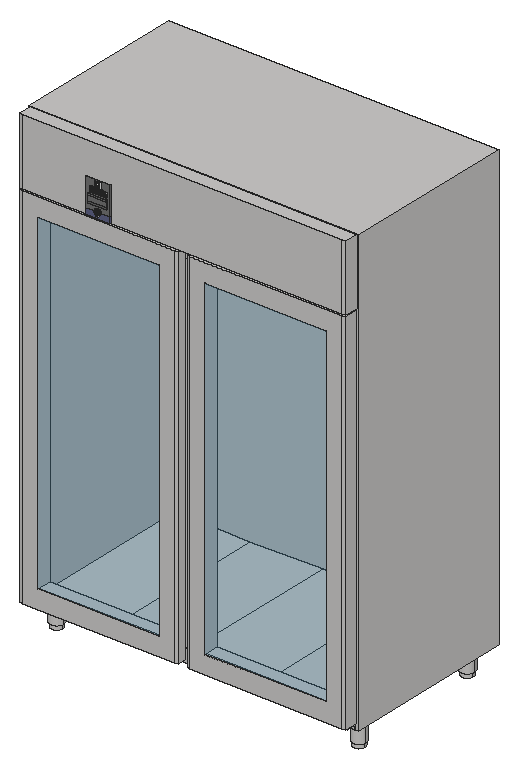
Revit family "QF_ELECTROLUXPROFESSIONAL_725232_REX142GRM", category Specialty Equipment, Revit 2018
Family settings
  Round Connector Dimension = Use Diameter
  Part Type = Normal
  Work Plane-Based = No
  Always vertical = Yes
  Cut with Voids When Loaded = No
  Shared = No
  Room Calculation Point = No
Parameters (values of type "Standard")
  Weight = 210.00 kg
  Watts = 0 W
  Volts = 220 V
  URL Manufacturer = "http://professional.electrolux.com"
  URL = "http://professional.electrolux.com"
  Steam Supply Size = 0 mm
  Steam Supply Minimum Pressure = 0.0 Pa
  Steam Supply Maximum Pressure = 0.0 Pa
  Steam Pounds per Hour = 0
  Refrigeration Suction Line Size = 0 mm
  Refrigeration Liquid Line Size = 0 mm
  Refrigerant Compressor Remote = yes
  Manufacturer = "Electrolux Professional"
  Phase = 1
  Model = "REX142GRM"
  Length Actual = 1441 mm  # constant formula
  Item Number = "725232"
  Hot Water Size = 0 mm
  Height Actual = 2050 mm  # constant formula
  HP = "0.4 HP"
  Gas Size = 0 mm
  Gas KW = 0
  Gas Input Pressure = 0 W
  Direct Waste Size = 0 mm
  Description = "2-GLASS DOOR REF. 1430L +2/+10°C DIG. A304 - R290 - MARINE 50HZ"
  Depth Actual = 835 mm  # constant formula
  Cycle = 50 Hz
  Condensate Return Size = 0 mm
  Compressed Air Volume = 0.0 L/s
  Compressed Air Size = 0 mm
  Compressed Air Pressure = 0.0 Pa
  Cold Water Size = 0 mm
  Accessory = yes
Reference planes
  plane 1 "Center (Front/Back)": y = 0
  plane 2: z = 0
  plane 3 "Center (Left/Right)": x = 0
  plane 4 "BASE": z = 110
  plane 5 "TOP": z = 2050
  plane 6 "FRONT": y = -417.5
  plane 7 "BACK": y = 417.5
  plane 8 "LEFT": x = -720.5
  plane 9 "RIGHT": x = 720.5
Forms (mm)
  Extrusion 1, solid, material "QF_Finishes_Stainless Steel"
    sketch origin (0, 0, 0) x (1, 0, 0) y (0, 1, 0)
      loop
        circle (-643.5, 344.5) r 25
      loop
        circle (643.5, 344.5) r 25
      loop
        circle (-660.5, -269.5) r 25
      loop
        circle (660.5, -269.5) r 25
      loop
        circle (0, -121) r 25
    from 0 to 20
  Extrusion 2, solid, material "QF_Finishes_Stainless Steel"
    sketch origin (0, 0, 0) x (1, 0, 0) y (0, 1, 0)
      loop
        circle (-643.5, 344.5) r 30
      loop
        circle (643.5, 344.5) r 30
      loop
        circle (660.5, -269.5) r 30
      loop
        circle (-660.5, -269.5) r 30
      loop
        circle (0, -121) r 30
    from 20 to 110
  Extrusion 3, solid, material "QF_Finishes_Stainless Steel"
    sketch origin (0, 0, 110) x (-1, 0, 0) y (0, -1, 0)
      loop
        line (720.5, -417.5) -> (720.5, 345.5) -> (-720.5, 345.5) -> (-720.5, -417.5) -> (720.5, -417.5)
    from 0 to 1940
  Extrusion 4, solid
    sketch origin (0, 417.5, 1685) x (-1, 0, 0) y (0, 0, 1)
      loop
        circle (704.5, 124) r 10
    from 0 to 3.2
  Extrusion 5, solid, material "QF_Door-Drawer Clearances", detail levels coarse
    sketch origin (0, 0, 110) x (-1, 0, 0) y (0, -1, 0)
      loop
        line (-712.5, 409.5) -> (-648.5, 409.5) -> (-648.5, 1006.5) -> (-666.5, 1006.5) -> (-666.5, 1024.5) -> (-688.5, 1024.5) -> (-688.5, 1062.5) -> (-712.5, 1062.5) -> (-712.5, 409.5)
    from 1642.965 to 28
  Extrusion 6, solid, material "QF_Door-Drawer Clearances", detail levels coarse
    sketch origin (0, 0, 110) x (-1, 0, 0) y (0, -1, 0)
      loop
        line (-648.5, 409.5) -> (0, 409.5)
        arc (0, 409.5) -> (-211.9, 875.546) -> (-688.5, 1062.5) r 681.392
        line (-688.5, 1062.5) -> (-688.5, 1024.5) -> (-666.5, 1024.5) -> (-666.5, 1006.5) -> (-648.5, 1006.5) -> (-648.5, 409.5)
    from 1642.965 to 28
  Extrusion 7, solid, material "QF_Clearances", detail levels coarse
    sketch origin (0, 0, 110) x (-1, 0, 0) y (0, -1, 0)
      loop
        line (720.5, 417.5) -> (720.5, -417.5) -> (-720.5, -417.5) -> (-720.5, 417.5) -> (-740.5, 417.5) -> (-740.5, -447.5) -> (740.5, -447.5) -> (740.5, 417.5) -> (720.5, 417.5)
    from -110 to 1940
  Extrusion 8, solid, material "QF_Clearances", detail levels coarse
    sketch origin (0, 0, 2050) x (-1, 0, 0) y (0, -1, 0)
      loop
        line (740.5, -447.5) -> (740.5, 417.5) -> (-740.5, 417.5) -> (-740.5, -447.5) -> (740.5, -447.5)
    from 0 to 500
  Extrusion 9, void
    sketch origin (0, 417.5, 0) x (-1, 0, 0) y (0, 0, 1)
      loop
        line (645.5, 1724) -> (430, 1724) -> (430, 1695) -> (-430, 1695) -> (-430, 1724) -> (-645.5, 1724) -> (-645.5, 180) -> (-322.75, 170.906) -> (0, 180) -> (322.75, 170.906) -> (645.5, 180) -> (645.5, 1724)
    from -56 to -763
  Extrusion 10, solid, material "QF_Door-Drawer Clearances", detail levels coarse
    sketch origin (0, 0, 110) x (1, 0, 0) y (0, 1, 0)
      loop
        line (-712.5, -409.5) -> (-712.5, -1062.5) -> (-688.5, -1062.5) -> (-688.5, -1024.5) -> (-666.5, -1024.5) -> (-666.5, -1006.5) -> (-648.5, -1006.5) -> (-648.5, -409.5) -> (-712.5, -409.5)
    from 1642.965 to 28
  Extrusion 11, solid, material "QF_Door-Drawer Clearances", detail levels coarse
    sketch origin (0, 0, 110) x (1, 0, 0) y (0, 1, 0)
      loop
        line (-648.5, -409.5) -> (-648.5, -1006.5) -> (-666.5, -1006.5) -> (-666.5, -1024.5) -> (-688.5, -1024.5) -> (-688.5, -1062.5)
        arc (-688.5, -1062.5) -> (-211.9, -875.546) -> (0, -409.5) r 681.392
        line (0, -409.5) -> (-648.5, -409.5)
    from 1642.965 to 28
  Extrusion 12, solid, material "QF_Finishes_Stainless Steel"
    sketch origin (0, 417.5, 0) x (-1, 0, 0) y (0, 0, 1)
      loop
        line (40, 170.62) -> (40, 1695) -> (-40, 1695) -> (-40, 170.62) -> (0, 170) -> (40, 170.62)
    from -723 to -763
  Extrusion 13, solid, material "QF_Finishes_Stainless Steel"
    sketch origin (0, 0, 110) x (-1, 0, 0) y (0, -1, 0)
      loop
        circle (322.75, 254.5) r 7.938
      loop
        circle (-322.75, 254.5) r 7.938
    from 0 to -10
Cuts and joins
  joined: Extrusion 7, Extrusion 8
  Extrusion 9 cuts Extrusion 3
Lines and regions (mm)
  symbolic lines, style "SpecialityEquipmentHiddenLines"
    curve 1: line (712.5, -409.5, 110) -> (712.5, -1062.5, 110)
    curve 2: line (712.5, -1062.5, 110) -> (688.5, -1062.5, 110)
    curve 3: line (648.5, -409.5, 110) -> (648.5, -1006.5, 110)
    curve 4: line (688.5, -1062.5, 110) -> (688.5, -1024.5, 110)
    curve 5: line (688.5, -1024.5, 110) -> (666.5, -1024.5, 110)
    curve 6: line (666.5, -1024.5, 110) -> (666.5, -1006.5, 110)
    curve 7: line (666.5, -1006.5, 110) -> (648.5, -1006.5, 110)
    curve 13: arc (0, -409.5, 110) -> (211.9, -875.546, 110) -> (688.5, -1062.5, 110) r 681.392
    curve 14: line (-712.5, -1062.5, 110) -> (-688.5, -1062.5, 110)
    curve 15: line (-648.5, -409.5, 110) -> (-648.5, -1006.5, 110)
    curve 16: line (-688.5, -1062.5, 110) -> (-688.5, -1024.5, 110)
    curve 17: line (-688.5, -1024.5, 110) -> (-666.5, -1024.5, 110)
    curve 18: line (-666.5, -1024.5, 110) -> (-666.5, -1006.5, 110)
    curve 19: line (-666.5, -1006.5, 110) -> (-648.5, -1006.5, 110)
    curve 20: arc (0, -409.5, 110) -> (-211.9, -875.546, 110) -> (-688.5, -1062.5, 110) r 681.392
    curve 21: line (-712.5, -409.5, 110) -> (-712.5, -1062.5, 110)
  symbolic lines, style "QF_Clearances", detail levels coarse
    curve 8: line (-720.5, -417.5, 2050) -> (-740.5, -417.5, 2050)
    curve 9: line (-740.5, -417.5, 2050) -> (-740.5, 447.5, 2050)
    curve 10: line (-740.5, 447.5, 2050) -> (740.5, 447.5, 2050)
    curve 11: line (740.5, 447.5, 2050) -> (740.5, -417.5, 2050)
    curve 12: line (740.5, -417.5, 2050) -> (720.5, -417.5, 2050)
  symbolic lines
    curve 22: line (720.5, 417.5, 110) -> (-720.5, 417.5, 110)
    curve 23: line (720.5, -345.5, 110) -> (720.5, 417.5, 110)
    curve 24: line (-720.5, -345.5, 110) -> (720.5, -345.5, 110)
    curve 25: line (-720.5, 417.5, 110) -> (-720.5, -345.5, 110)
Dimensions and locks
  equal spacing: plane 7 "BACK", plane 1 "Center (Front/Back)", plane 6 "FRONT"
  equal spacing: plane 8 "LEFT", plane 3 "Center (Left/Right)", plane 9 "RIGHT"
  plane 8 "LEFT" to plane 9 "RIGHT" = 1441 mm
  plane 7 "BACK" to plane 6 "FRONT" = 835 mm
  plane 5 "TOP" to plane 2 = 2050 mm
  aligned and locked: level to plane 2
Automatic sketch dimensions
  curve 12 to plane 6 "FRONT" = 0 mm
  curve 12 to plane 9 "RIGHT" = 0 mm
  curve 8 to plane 6 "FRONT" = 0 mm
  curve 8 to plane 8 "LEFT" = 0 mm
  curve 10 to plane 9 "RIGHT" = 20 mm
  curve 8 to curve 9 = 20 mm
  plane 7 "BACK" to curve 10 = 30 mm
  Extrusion 1 sketch curve to plane 3 "Center (Left/Right)" = 0 mm
  plane 8 "LEFT" to Extrusion 1 sketch curve = 77 mm
  plane 8 "LEFT" to Extrusion 1 sketch curve = 60 mm
  plane 9 "RIGHT" to Extrusion 1 sketch curve = 77 mm
  plane 9 "RIGHT" to Extrusion 1 sketch curve = 60 mm
  plane 6 "FRONT" to Extrusion 1 sketch curve = 148 mm  (x2)
  plane 1 "Center (Front/Back)" to Extrusion 1 sketch curve = 121 mm
  Extrusion 1 sketch curve to plane 7 "BACK" = 73 mm  (x2)
  Extrusion 2 sketch curve to plane 3 "Center (Left/Right)" = 0 mm
  plane 8 "LEFT" to Extrusion 2 sketch curve = 77 mm
  plane 8 "LEFT" to Extrusion 2 sketch curve = 60 mm
  plane 9 "RIGHT" to Extrusion 2 sketch curve = 77 mm
  plane 9 "RIGHT" to Extrusion 2 sketch curve = 60 mm
  plane 6 "FRONT" to Extrusion 2 sketch curve = 148 mm  (x2)
  plane 1 "Center (Front/Back)" to Extrusion 2 sketch curve = 121 mm
  Extrusion 2 sketch curve to plane 7 "BACK" = 73 mm  (x2)
  Extrusion 3 sketch curve to plane 7 "BACK" = 0 mm
  Extrusion 3 sketch curve to plane 9 "RIGHT" = 0 mm
  Extrusion 3 sketch curve to plane 8 "LEFT" = 0 mm
  plane 6 "FRONT" to Extrusion 3 sketch curve = 72 mm
  plane 8 "LEFT" to Extrusion 4 sketch curve = 16 mm
  Extrusion 4 sketch curve to plane 5 "TOP" = 241 mm
  plane 9 "RIGHT" to Extrusion 5 sketch curve = 8 mm
  plane 9 "RIGHT" to Extrusion 5 sketch curve = 32 mm
  Extrusion 5 sketch curve to Extrusion 5 sketch curve = 22 mm
  plane 6 "FRONT" to Extrusion 5 sketch curve = 8 mm
  Extrusion 5 sketch curve to Extrusion 5 sketch curve = 64 mm
  Extrusion 5 sketch curve to plane 6 "FRONT" = 589 mm
  Extrusion 5 sketch curve to Extrusion 5 sketch curve = 18 mm
  Extrusion 5 sketch curve to Extrusion 5 sketch curve = 38 mm
  Extrusion 6 sketch curve to plane 3 "Center (Left/Right)" = 0 mm
  plane 9 "RIGHT" to Extrusion 6 sketch curve = 72 mm
  Extrusion 6 sketch curve to Extrusion 6 sketch curve = 18 mm  (x2)
  plane 9 "RIGHT" to Extrusion 6 sketch curve = 39.698 mm
  Extrusion 6 sketch curve to Extrusion 6 sketch curve = 22 mm
  plane 6 "FRONT" to Extrusion 6 sketch curve = 36.349 mm
  plane 6 "FRONT" to Extrusion 6 sketch curve = 8 mm
  Extrusion 6 sketch curve to Extrusion 6 sketch curve = 56 mm
  Extrusion 7 sketch curve to plane 6 "FRONT" = 0 mm  (x2)
  Extrusion 7 sketch curve to plane 7 "BACK" = 0 mm
  Extrusion 7 sketch curve to plane 9 "RIGHT" = 0 mm
  Extrusion 7 sketch curve to plane 8 "LEFT" = 0 mm
  Extrusion 7 sketch curve to plane 9 "RIGHT" = 20 mm
  Extrusion 7 sketch curve to Extrusion 7 sketch curve = 20 mm
  plane 7 "BACK" to Extrusion 7 sketch curve = 30 mm
  Extrusion 8 sketch curve to plane 6 "FRONT" = 0 mm
  Extrusion 8 sketch curve to plane 9 "RIGHT" = 20 mm
  Extrusion 8 sketch curve to plane 8 "LEFT" = 20 mm
  plane 7 "BACK" to Extrusion 8 sketch curve = 30 mm
  Extrusion 10 sketch curve to plane 8 "LEFT" = 8 mm
  Extrusion 10 sketch curve to plane 8 "LEFT" = 32 mm
  Extrusion 10 sketch curve to Extrusion 10 sketch curve = 22 mm
  Extrusion 10 sketch curve to plane 6 "FRONT" = 8 mm
  Extrusion 10 sketch curve to Extrusion 10 sketch curve = 64 mm
  plane 6 "FRONT" to Extrusion 10 sketch curve = 589 mm
  Extrusion 10 sketch curve to Extrusion 10 sketch curve = 18 mm
  Extrusion 10 sketch curve to Extrusion 10 sketch curve = 38 mm
  Extrusion 11 sketch curve to plane 3 "Center (Left/Right)" = 0 mm
  Extrusion 11 sketch curve to plane 8 "LEFT" = 72 mm
  Extrusion 11 sketch curve to Extrusion 11 sketch curve = 18 mm  (x2)
  Extrusion 11 sketch curve to plane 8 "LEFT" = 39.698 mm
  Extrusion 11 sketch curve to Extrusion 11 sketch curve = 22 mm
  Extrusion 11 sketch curve to plane 6 "FRONT" = 36.349 mm
  Extrusion 11 sketch curve to plane 6 "FRONT" = 8 mm
  Extrusion 11 sketch curve to Extrusion 11 sketch curve = 56 mm
  Extrusion 12 sketch curve to plane 3 "Center (Left/Right)" = 0 mm
  plane 3 "Center (Left/Right)" to Extrusion 12 sketch curve = 40 mm
  Extrusion 12 sketch curve to plane 3 "Center (Left/Right)" = 40 mm
  plane 4 "BASE" to Extrusion 12 sketch curve = 60 mm
  Extrusion 12 sketch curve to Extrusion 12 sketch curve = 0.62 mm  (x2)
  Extrusion 12 sketch curve to Extrusion 12 sketch curve = 1524.38 mm
  Extrusion 9 sketch curve to plane 3 "Center (Left/Right)" = 0 mm
  plane 4 "BASE" to Extrusion 9 sketch curve = 60.906 mm  (x2)
  plane 3 "Center (Left/Right)" to Extrusion 9 sketch curve = 322.75 mm
  plane 9 "RIGHT" to Extrusion 9 sketch curve = 290.5 mm
  plane 9 "RIGHT" to Extrusion 9 sketch curve = 75 mm
  Extrusion 9 sketch curve to plane 3 "Center (Left/Right)" = 322.75 mm
  plane 8 "LEFT" to Extrusion 9 sketch curve = 290.5 mm
  plane 8 "LEFT" to Extrusion 9 sketch curve = 75 mm
  plane 4 "BASE" to Extrusion 9 sketch curve = 70 mm  (x3)
  Extrusion 9 sketch curve to plane 5 "TOP" = 355 mm
  Extrusion 9 sketch curve to Extrusion 9 sketch curve = 29 mm  (x2)
  plane 3 "Center (Left/Right)" to Extrusion 13 sketch curve = 322.75 mm
  Extrusion 13 sketch curve to plane 3 "Center (Left/Right)" = 322.75 mm
  plane 6 "FRONT" to Extrusion 13 sketch curve = 163 mm  (x2)
  curve 24 to plane 9 "RIGHT" = 0 mm
  curve 13 to plane 3 "Center (Left/Right)" = 0 mm
  curve 24 to plane 8 "LEFT" = 0 mm
  curve 25 to plane 7 "BACK" = 0 mm
  plane 9 "RIGHT" to curve 1 = 8 mm
  plane 9 "RIGHT" to curve 4 = 32 mm
  plane 9 "RIGHT" to curve 13 = 39.698 mm
  curve 4 to curve 6 = 22 mm
  curve 6 to curve 7 = 18 mm
  plane 8 "LEFT" to curve 15 = 72 mm
  curve 15 to curve 18 = 18 mm
  plane 8 "LEFT" to curve 20 = 39.698 mm
  plane 8 "LEFT" to curve 14 = 32 mm
  plane 8 "LEFT" to curve 21 = 8 mm
  plane 6 "FRONT" to curve 24 = 72 mm
  plane 6 "FRONT" to curve 20 = 36.349 mm
  plane 6 "FRONT" to curve 13 = 36.349 mm
  curve 6 to plane 6 "FRONT" = 589 mm
  curve 19 to plane 6 "FRONT" = 589 mm
  curve 18 to curve 17 = 18 mm
  curve 6 to curve 4 = 18 mm
  curve 16 to curve 21 = 38 mm
  plane 6 "FRONT" to curve 1 = 8 mm
  plane 6 "FRONT" to curve 15 = 8 mm
  plane 6 "FRONT" to curve 21 = 8 mm
  plane 6 "FRONT" to curve 3 = 8 mm
  radius of Extrusion 1 sketch curve = 25 mm  (x5)
  radius of Extrusion 2 sketch curve = 30 mm  (x5)
  radius of Extrusion 4 sketch curve = 10 mm
  radius of Extrusion 13 sketch curve = 7.938 mm  (x2)
Nested families
  nested 1: "QF_725232_Door" at (0, -345.5, 968.365) x (1, 0, 0) z (0, -1, 0), type "QF_725232_Door"
    with Show Clearance yes
  nested 2: "Refrigerator" at (720.5, -417.5, 110), type "Refrigerator"
Connectors
  electrical at (-704.5, 420.7, 1809), driven by "Volts"
    settings: on Extrusion 4, index 2, voltage 220 V, apparent load 0 VA, apparent load phase1 0 VA, apparent load phase2 0 VA, apparent load phase3 0 VA, power factor 1, load classification "Other", number of poles 1, system type 30, power factor state 1, is connector primary yes, connector utility no, sub classification motor no, connector description "Electrical Connection"
  piping at (322.75, -254.5, 100), diameter 15.875
    settings: on Extrusion 13, index 3, connector inside diameter 609.6 mm, connector length 0 mm, flow factor 0, pipe flow 0.0 L/s, pressure drop 0.0 Pa, fitting loss kfactor 0, connector angle 0.00°, fixture units 0, engagement length 0 mm, angle of deflection 0.00°, flow configuration 1, flow direction 2, fitting loss method 0, system type 16, joint type 0, gender type 0, connector reference index -1, connector utility 0, adjustable connector no, is connector primary yes, connector description "Drain"
  piping at (-322.75, -254.5, 100), diameter 15.875
    settings: on Extrusion 13, index 4, connector inside diameter 609.6 mm, connector length 0 mm, flow factor 0, pipe flow 0.0 L/s, pressure drop 0.0 Pa, fitting loss kfactor 0, connector angle 0.00°, fixture units 0, engagement length 0 mm, angle of deflection 0.00°, flow configuration 1, flow direction 2, fitting loss method 0, system type 16, joint type 0, gender type 0, connector reference index -1, connector utility 0, adjustable connector no, is connector primary no, connector description "Drain"
Definition of nested family "QF_725232_Door"
  Parameters
    Show Clearance [instance] = yes
    Model = "725232"
    Default Elevation = 0 mm
  Reference planes
    plane 1 "Center (Front/Back)": y = 0
    plane 2: z = 0
    plane 3 "Center (Left/Right)": x = 0
    plane 4 "panel": z = 64
  Forms (mm)
    Extrusion 1, solid
      sketch origin (0, -919.2, 0) x (1, 0, 0) y (0, 1, 0)
        loop
          line (-980.5, 2119.2) -> (-980.5, -162.846) -> (881.94, -162.846) -> (881.94, 2119.2) -> (-980.5, 2119.2)
      from 0 to -59.546
    Extrusion 2, solid
      sketch origin (365.5, 0, 0) x (1, 0, 0) y (0, 0, 1)
        loop
          line (-347, 26) -> (-325, 26) -> (-325, 8) -> (-307, 8) -> (-307, 0) -> (339, 0) -> (339, 8) -> (347, 8) -> (347, 60) -> (332, 64) -> (-332, 64) -> (-347, 60) -> (-347, 26)
      from -784.6 to 830.4
    Extrusion 3, solid
      sketch origin (484.5, -516.365, 0) x (0, 1, 0) y (0, 0, 1)
        loop
          line (-323.003, 40.312) -> (-316.501, 40.312) -> (-316.501, 42.812) -> (-325.503, 42.812) -> (-325.503, 2.5) -> (-342, 2.5) -> (-342, 0) -> (-323.003, 0) -> (-323.003, 12.259) -> (-323.003, 40.312)
        loop
          line (-314, 38.311) -> (-316.501, 38.311) -> (-316.501, 14.304) -> (-319.752, 14.304) -> (-319.752, 11.804) -> (-314, 11.804) -> (-314, 38.311)
      from 185 to 220
    Extrusion 4, solid
      sketch origin (484.5, 469.597, 0) x (0, 1, 0) y (0, 0, 1)
        loop
          line (315.003, 27.948) -> (315.003, 2.948) -> (315.003, 0) -> (322.003, 0) -> (322.003, 2.5) -> (317.503, 2.5) -> (317.503, 27.948) -> (315.003, 27.948)
      from 185 to 220
    Extrusion 5, solid
      sketch origin (-365.5, 0, 0) x (-1, 0, 0) y (0, 0, -1)
        loop
          line (-1078, -60) -> (-1063, -64) -> (332, -64) -> (347, -60) -> (347, 0) -> (-1078, 0) -> (-1078, -60)
      from -1081.6 to -791.6
    Extrusion 6, solid
      sketch origin (-365.5, 0, 0) x (-1, 0, 0) y (0, 0, -1)
        loop
          line (-347, -26) -> (-347, -60) -> (-332, -64) -> (332, -64) -> (347, -60) -> (347, -8) -> (339, -8) -> (339, 0) -> (-307, 0) -> (-307, -8) -> (-325, -8) -> (-325, -26) -> (-347, -26)
      from -784.6 to 830.4
    Extrusion 7, solid
      sketch origin (-484.5, -516.365, 0) x (0, 1, 0) y (0, 0, -1)
        loop
          line (-323.003, -40.312) -> (-323.003, -12.259) -> (-323.003, 0) -> (-342, 0) -> (-342, -2.5) -> (-325.503, -2.5) -> (-325.503, -42.812) -> (-316.501, -42.812) -> (-316.501, -40.312) -> (-323.003, -40.312)
        loop
          line (-314, -38.311) -> (-314, -11.804) -> (-319.752, -11.804) -> (-319.752, -14.304) -> (-316.501, -14.304) -> (-316.501, -38.311) -> (-314, -38.311)
      from 185 to 220
    Extrusion 8, solid
      sketch origin (-484.5, 469.597, 0) x (0, 1, 0) y (0, 0, -1)
        loop
          line (315.003, -27.948) -> (317.503, -27.948) -> (317.503, -2.5) -> (322.003, -2.5) -> (322.003, 0) -> (315.003, 0) -> (315.003, -2.948) -> (315.003, -27.948)
      from 185 to 220
    Extrusion 9, void
      sketch origin (0, 0, 0) x (1, 0, 0) y (0, 1, 0)
        loop
          line (-632.5, 704.6) -> (-632.5, -750.4) -> (-98.5, -750.4) -> (-98.5, 704.6) -> (-632.5, 704.6)
        loop
          line (632.5, 704.6) -> (98.5, 704.6) -> (98.5, -750.4) -> (632.5, -750.4) -> (632.5, 704.6)
      from 0 to 250
    Extrusion 10, solid
      sketch origin (0, 0, 0) x (1, 0, 0) y (0, 1, 0)
        loop
          line (-632.5, 704.6) -> (-632.5, -750.4) -> (-98.5, -750.4) -> (-98.5, 704.6) -> (-632.5, 704.6)
        loop
          line (98.5, 704.6) -> (98.5, -750.4) -> (632.5, -750.4) -> (632.5, 704.6) -> (98.5, 704.6)
      from 60 to 64
  Cuts and joins
    Extrusion 9 cuts Extrusion 2
    Extrusion 9 cuts Extrusion 6
  Lines and regions (mm)
    symbolic lines
      curve 1: line (-697.5, 0, 64) -> (697.5, 0, 64)
      curve 2: line (712.5, 0, 0) -> (-712.5, 0, 0)
      curve 3: line (712.5, 0, 60) -> (712.5, 0, 0)
      curve 4: line (704.5, 0, 8) -> (712.5, 0, 8)
      curve 5: line (704.5, 0, 8) -> (704.5, 0, 0)
      curve 6: line (-376.111, 0, 72) -> (-356.111, 0, 72)
      curve 7: line (-376.111, 0, 66) -> (-376.111, 0, 72)
      curve 8: line (-356.111, 0, 72) -> (-356.111, 0, 66)
      curve 9: line (-380.111, 0, 66) -> (-352.111, 0, 66)
      curve 10: line (-380.111, 0, 64) -> (-380.111, 0, 66)
      curve 11: line (-352.111, 0, 66) -> (-352.111, 0, 64)
      curve 12: line (-712.5, 0, 60) -> (-712.5, 0, 0)
      curve 13: line (-704.5, 0, 8) -> (-712.5, 0, 8)
      curve 14: line (-704.5, 0, 8) -> (-704.5, 0, 0)
      curve 15: line (-697.5, 0, 64) -> (-712.5, 0, 60)
      curve 16: line (712.5, 0, 60) -> (697.5, 0, 64)
  Dimensions and locks
    aligned and locked: plane 2 to Extrusion 1
    aligned and locked: level to Extrusion 1
  Nested families
    nested 1: "QF_DisplayStandardCabinets" at (-365.5, 863.6, 64), type "QF_DisplayStandardCabinets"
      with Show Clearance yes
  Definition of nested family "QF_DisplayStandardCabinets"
    Parameters
      Show Clearance [instance] = yes
      Model = "728658"
      Default Elevation = 1219.2 mm
    Reference planes
      plane 1 "Center (Front/Back)": y = 0
      plane 2: z = 0
      plane 3 "Center (Left/Right)": x = 0
    Forms (mm)
      Extrusion 1, solid
        sketch origin (0, -919.2, 0) x (1, 0, 0) y (0, 1, 0)
          loop
            line (-198.75, 1146.2) -> (-198.75, 709.567) -> (165.741, 709.567) -> (165.741, 1146.2) -> (-198.75, 1146.2)
        from 0 to -59.546
      Extrusion 2, solid
        sketch origin (-59, -44.611, 0) x (0, 1, 0) y (-1, 0, 0)
          loop
            circle (0.611, -59) r 14
        from 4 to 7
      Extrusion 3, solid
        sketch origin (744.635, 320.889, 0) x (0, 1, 0) y (-1, 0, 0)
          loop
            circle (-364.889, 744.635) r 10
          loop
            circle (-364.889, 744.635) r 9
        from 4 to 8
      Extrusion 4, solid
        sketch origin (744.635, 320.889, 0) x (0, 1, 0) y (-1, 0, 0)
          loop
            circle (-364.889, 744.635) r 8.7
        from 4 to 8
      Extrusion 5, void
        sketch origin (744.635, 320.889, 0) x (0, 1, 0) y (-1, 0, 0)
          loop
            line (-372.339, 745.885) -> (-372.339, 743.385) -> (-362.339, 743.385) -> (-362.339, 745.885) -> (-372.339, 745.885)
        from 8.592 to 6.269
      Extrusion 6, solid
        sketch origin (744.635, 320.889, 0) x (0, 1, 0) y (-1, 0, 0)
          loop
            line (-372.339, 745.885) -> (-372.339, 743.385) -> (-362.339, 743.385) -> (-362.339, 745.885) -> (-372.339, 745.885)
        from 6 to 8
      Extrusion 7, solid
        sketch origin (0, 0, 0) x (1, 0, 0) y (0, 1, 0)
          loop
            line (-51.473, 80) -> (-51.473, -44) -> (-14, -44)
            arc (-14, -44) -> (0, -30) -> (14, -44) r 14
            line (14, -44) -> (50.954, -44) -> (50.954, 80) -> (-51.473, 80)
        from 0 to 4
      Extrusion 8, solid
        sketch origin (0, -30, 0) x (0, 1, 0) y (0, 0, 1)
          loop
            line (10.404, 4) -> (17.404, 4) -> (17.404, 8)
            arc (17.404, 8) -> (13.868, 7.749) -> (10.404, 7) r 25
            line (10.404, 7) -> (10.404, 4)
          loop
            arc (47.404, 7) -> (43.939, 7.749) -> (40.404, 8) r 25
            line (40.404, 8) -> (40.404, 4) -> (47.404, 4) -> (47.404, 7)
        from 40 to -40
      Extrusion 9, solid
        sketch origin (0, -30, 0) x (1, 0, 0) y (0, 1, 0)
          loop
            line (-40, 40.404) -> (-40, 17.404) -> (40, 17.404) -> (40, 40.404) -> (-40, 40.404)
        from 8 to 4
      Extrusion 10, solid
        sketch origin (46.005, 87.683, 0) x (1, 0, 0) y (0, 1, 0)
          loop
            line (-43.063, -13.359) -> (-43.063, -33.154)
            arc (-43.063, -33.154) -> (-35.746, -23.257) -> (-43.063, -13.359) r 10.352
          loop
            arc (-44.07, -13.359) -> (-52.302, -15.23) -> (-56.268, -22.683) r 10.145
            line (-56.268, -22.683) -> (-52.994, -22.683)
            arc (-52.994, -22.683) -> (-47.143, -20.308) -> (-44.07, -14.793) r 9.509
            line (-44.07, -14.793) -> (-44.07, -13.359)
          loop
            arc (-44.07, -31.721) -> (-47.143, -26.205) -> (-52.994, -23.831) r 9.509
            line (-52.994, -23.831) -> (-56.268, -23.831)
            arc (-56.268, -23.831) -> (-52.309, -31.345) -> (-44.07, -33.408) r 10.411
            line (-44.07, -33.408) -> (-44.07, -31.721)
          loop
            line (-57.02, -12.279) -> (-57.02, -34.279) -> (-34.99, -34.279) -> (-34.99, -12.279) -> (-57.02, -12.279)
        from 4 to 5.6
      Extrusion 11, solid
        sketch origin (-12.866, 61.032, 0) x (1, 0, 0) y (0, 1, 0)
          loop
            line (-15.272, -12.492) -> (-22.708, -12.492) -> (-22.708, -21.151)
            arc (-22.708, -21.151) -> (-21.729, -23.514) -> (-19.367, -24.492) r 3.341
            line (-19.367, -24.492) -> (-15.128, -24.492) -> (-15.128, -22.55) -> (-18.883, -22.55)
            arc (-18.883, -22.55) -> (-20.117, -22.133) -> (-20.642, -20.941) r 1.615
            line (-20.642, -20.941) -> (-20.642, -19.224) -> (-15.593, -19.224) -> (-15.593, -17.274) -> (-20.642, -17.274) -> (-20.642, -14.436) -> (-15.272, -14.436) -> (-15.272, -12.492)
          loop
            line (-13.66, -12.492) -> (-13.66, -24.492) -> (-11.593, -24.492) -> (-11.593, -12.492) -> (-13.66, -12.492)
          loop
            line (31.232, -12.492) -> (31.232, -24.492) -> (33.3, -24.492) -> (33.3, -12.492) -> (31.232, -12.492)
          loop
            line (-8.175, -20.66) -> (-1.392, -20.66)
            arc (-1.392, -20.66) -> (-2.453, -16.934) -> (-6.081, -15.575) r 4.298
            arc (-6.081, -15.575) -> (-9.277, -17.196) -> (-10.188, -20.66) r 4.373
            arc (-10.188, -20.66) -> (-8.988, -23.558) -> (-6.091, -24.758) r 4.097
            arc (-6.091, -24.758) -> (-3.837, -24.425) -> (-1.946, -23.152) r 5.15
            line (-1.946, -23.152) -> (-3.171, -21.928)
            arc (-3.171, -21.928) -> (-4.778, -22.892) -> (-6.645, -22.73) r 3.039
            arc (-6.645, -22.73) -> (-7.784, -21.972) -> (-8.175, -20.66) r 2.013
          loop
            line (-8.123, -19.207) -> (-3.469, -19.207)
            arc (-3.469, -19.207) -> (-4.122, -17.833) -> (-5.557, -17.326) r 1.983
            arc (-5.557, -17.326) -> (-7.213, -17.758) -> (-8.123, -19.207) r 2.321
          loop
            line (6.665, -18.342) -> (7.963, -17.044)
            arc (7.963, -17.044) -> (6.336, -15.866) -> (4.358, -15.514) r 4.497
            arc (4.358, -15.514) -> (1.341, -16.616) -> (-0.242, -19.411) r 4.652
            arc (-0.242, -19.411) -> (2.426, -24.31) -> (7.89, -23.18) r 4.684
            line (7.89, -23.18) -> (6.599, -21.89)
            arc (6.599, -21.89) -> (3.813, -22.811) -> (1.817, -20.66) r 2.714
            arc (1.817, -20.66) -> (1.956, -18.959) -> (3.127, -17.718) r 2.578
            arc (3.127, -17.718) -> (5.002, -17.432) -> (6.665, -18.342) r 2.961
          loop
            line (9.233, -12.492) -> (9.233, -20.693)
            arc (9.233, -20.693) -> (9.411, -21.923) -> (9.872, -23.078) r 5.301
            arc (9.872, -23.078) -> (11.347, -24.251) -> (13.216, -24.498) r 3.531
            line (13.216, -24.498) -> (13.216, -22.561)
            arc (13.216, -22.561) -> (12.66, -22.519) -> (12.142, -22.313) r 1.862
            arc (12.142, -22.313) -> (11.478, -21.611) -> (11.3, -20.66) r 1.713
            line (11.3, -20.66) -> (11.3, -17.691) -> (13.177, -17.691) -> (13.177, -15.813) -> (11.3, -15.813) -> (11.3, -12.492) -> (9.233, -12.492)
          loop
            arc (16.966, -19.93) -> (17.114, -19.065) -> (17.54, -18.298) r 2.607
            arc (17.54, -18.298) -> (18.779, -17.662) -> (20.17, -17.691) r 2.84
            line (20.17, -17.691) -> (20.17, -15.704)
            arc (20.17, -15.704) -> (18.352, -15.876) -> (16.966, -17.064) r 3.016
            line (16.966, -17.064) -> (16.966, -15.813) -> (14.916, -15.813) -> (14.916, -24.492) -> (16.966, -24.492) -> (16.966, -19.93)
          loop
            circle (25.224, -20.154) r 4.599
          loop
            circle (25.224, -20.154) r 2.787
          loop
            arc (40.755, -20.878) -> (40.245, -22.281) -> (38.861, -22.84) r 1.835
            arc (38.861, -22.84) -> (37.476, -22.281) -> (36.966, -20.878) r 1.835
            line (36.966, -20.878) -> (36.966, -15.813) -> (34.881, -15.813) -> (34.881, -21.05)
            arc (34.881, -21.05) -> (36.067, -23.754) -> (38.861, -24.712) r 3.675
            arc (38.861, -24.712) -> (41.685, -23.725) -> (42.839, -20.965) r 3.675
            line (42.839, -20.965) -> (42.839, -15.813) -> (40.755, -15.813) -> (40.755, -20.878)
          loop
            line (44.088, -15.813) -> (47.09, -19.889) -> (43.792, -24.495) -> (46.014, -24.495) -> (48.203, -21.438) -> (50.424, -24.495) -> (52.632, -24.495) -> (49.381, -19.842) -> (52.354, -15.813) -> (50.097, -15.813) -> (48.196, -18.39) -> (46.324, -15.813) -> (44.088, -15.813)
          loop
            line (-21.545, -29.467) -> (-23.194, -29.467) -> (-23.194, -33.617) -> (-22.292, -33.617) -> (-22.292, -32.188) -> (-21.295, -32.188)
            arc (-21.295, -32.188) -> (-20.179, -30.713) -> (-21.545, -29.467) r 1.372
          loop
            arc (-21.334, -31.373) -> (-20.993, -30.839) -> (-21.334, -30.306) r 0.587
            line (-21.334, -30.306) -> (-22.292, -30.306) -> (-22.292, -31.373) -> (-21.334, -31.373)
          loop
            line (-15.033, -29.467) -> (-16.71, -29.467) -> (-16.71, -33.617) -> (-15.808, -33.617) -> (-15.808, -32.188) -> (-14.935, -32.188) -> (-14.339, -33.617) -> (-13.37, -33.617) -> (-14.186, -31.867)
            arc (-14.186, -31.867) -> (-13.795, -31.4) -> (-13.664, -30.805) r 1.281
            arc (-13.664, -30.805) -> (-14.076, -29.857) -> (-15.033, -29.467) r 1.37
          loop
            line (-15.808, -30.306) -> (-15.808, -31.373) -> (-14.85, -31.373)
            arc (-14.85, -31.373) -> (-14.509, -30.839) -> (-14.85, -30.306) r 0.587
            line (-14.85, -30.306) -> (-15.808, -30.306)
          loop
            circle (-8.072, -31.542) r 2.156
          loop
            circle (-8.072, -31.542) r 1.368
          loop
            line (-2.373, -29.467) -> (-2.373, -33.617) -> (-1.493, -33.617) -> (-1.493, -32.167) -> (0.069, -32.167) -> (0.069, -31.237) -> (-1.493, -31.237) -> (-1.493, -30.361) -> (0.219, -30.361) -> (0.219, -29.467) -> (-2.373, -29.467)
          loop
            line (3.719, -29.467) -> (3.719, -32.269)
            arc (3.719, -32.269) -> (4.101, -33.219) -> (5.046, -33.614) r 1.327
            line (5.046, -33.614) -> (6.385, -33.614) -> (6.385, -32.83) -> (5.126, -32.83)
            arc (5.126, -32.83) -> (4.662, -32.447) -> (4.571, -31.852) r 0.845
            line (4.571, -31.852) -> (6.23, -31.852) -> (6.23, -31.068) -> (4.571, -31.068) -> (4.571, -30.251) -> (6.345, -30.251) -> (6.345, -29.467) -> (3.719, -29.467)
          loop
            arc (18.747, -29.993) -> (18.197, -29.542) -> (17.501, -29.398) r 1.485
            arc (17.501, -29.398) -> (16.858, -29.556) -> (16.329, -29.955) r 1.645
            arc (16.329, -29.955) -> (16.232, -30.897) -> (16.84, -31.624) r 1.217
            arc (16.84, -31.624) -> (17.351, -31.794) -> (17.836, -32.029) r 4.201
            arc (17.836, -32.029) -> (18.142, -32.39) -> (17.931, -32.814) r 0.43
            arc (17.931, -32.814) -> (17.539, -32.906) -> (17.149, -32.807) r 0.846
            arc (17.149, -32.807) -> (16.811, -32.564) -> (16.605, -32.203) r 0.983
            line (16.605, -32.203) -> (15.879, -32.542)
            arc (15.879, -32.542) -> (16.14, -33.046) -> (16.562, -33.427) r 1.595
            arc (16.562, -33.427) -> (17.04, -33.631) -> (17.557, -33.683) r 1.719
            arc (17.557, -33.683) -> (18.196, -33.556) -> (18.772, -33.25) r 2.246
            arc (18.772, -33.25) -> (19.027, -32.573) -> (18.896, -31.863) r 1.349
            arc (18.896, -31.863) -> (18.612, -31.535) -> (18.249, -31.298) r 1.564
            arc (18.249, -31.298) -> (17.79, -31.093) -> (17.32, -30.917) r 8.236
            arc (17.32, -30.917) -> (17.048, -30.494) -> (17.441, -30.181) r 0.375
            arc (17.441, -30.181) -> (17.911, -30.294) -> (18.273, -30.616) r 0.998
            line (18.273, -30.616) -> (18.747, -29.993)
          loop
            line (22.554, -29.467) -> (22.554, -33.614) -> (23.407, -33.614) -> (23.407, -29.467) -> (22.554, -29.467)
          loop
            circle (29.157, -31.541) r 1.29
          loop
            circle (29.157, -31.541) r 2.154
          loop
            line (34.878, -33.614) -> (35.739, -33.614) -> (35.739, -31.007) -> (37.636, -33.614) -> (38.465, -33.614) -> (38.465, -29.467) -> (37.604, -29.467) -> (37.604, -32.154) -> (35.707, -29.467) -> (34.878, -29.467) -> (34.878, -33.614)
          loop
            line (42.765, -33.614) -> (43.169, -32.72) -> (44.703, -32.72) -> (45.106, -33.614) -> (46.023, -33.614) -> (44.271, -29.467) -> (43.471, -29.467) -> (41.849, -33.614) -> (42.765, -33.614)
          loop
            line (44.32, -31.869) -> (43.909, -30.958) -> (43.51, -31.869) -> (44.32, -31.869)
          loop
            line (50.258, -32.83) -> (50.258, -29.467) -> (49.406, -29.467) -> (49.406, -33.614) -> (51.853, -33.614) -> (51.853, -32.83) -> (50.258, -32.83)
          loop
            arc (12.529, -29.993) -> (11.98, -29.542) -> (11.284, -29.398) r 1.485
            arc (11.284, -29.398) -> (10.641, -29.556) -> (10.112, -29.955) r 1.645
            arc (10.112, -29.955) -> (10.014, -30.897) -> (10.622, -31.624) r 1.217
            arc (10.622, -31.624) -> (11.133, -31.794) -> (11.618, -32.029) r 4.201
            arc (11.618, -32.029) -> (11.925, -32.39) -> (11.714, -32.814) r 0.43
            arc (11.714, -32.814) -> (11.322, -32.906) -> (10.931, -32.807) r 0.846
            arc (10.931, -32.807) -> (10.594, -32.564) -> (10.387, -32.203) r 0.983
            line (10.387, -32.203) -> (9.662, -32.542)
            arc (9.662, -32.542) -> (9.923, -33.046) -> (10.345, -33.427) r 1.595
            arc (10.345, -33.427) -> (10.823, -33.631) -> (11.34, -33.683) r 1.719
            arc (11.34, -33.683) -> (11.979, -33.556) -> (12.555, -33.25) r 2.246
            arc (12.555, -33.25) -> (12.809, -32.573) -> (12.678, -31.863) r 1.349
            arc (12.678, -31.863) -> (12.394, -31.535) -> (12.031, -31.298) r 1.564
            arc (12.031, -31.298) -> (11.573, -31.093) -> (11.102, -30.917) r 8.236
            arc (11.102, -30.917) -> (10.83, -30.494) -> (11.223, -30.181) r 0.375
            arc (11.223, -30.181) -> (11.694, -30.294) -> (12.056, -30.616) r 0.998
            line (12.056, -30.616) -> (12.529, -29.993)
        from 4 to 5.6
      Extrusion 12, solid
        sketch origin (0, 0, 0) x (1, 0, 0) y (0, 1, 0)
          loop
            line (-51.473, -44) -> (-51.473, -70) -> (50.954, -70) -> (50.954, -44) -> (14, -44)
            arc (14, -44) -> (0, -58) -> (-14, -44) r 14
            line (-14, -44) -> (-51.473, -44)
        from 0 to 4
    Cuts and joins
      Extrusion 5 cuts Extrusion 4
      joined: Extrusion 8, Extrusion 9
    Lines and regions (mm)
      Split face 1
        outline origin (-41, 10.404, 8) x (-1, 0, 0) y (0, -1, 0)
          loop
            line (-72.157, 0.05) -> (-72.157, 10.5) -> (-78.157, 10.5) -> (-78.157, 0.05) -> (-72.157, 0.05)
      Split face 2
        outline origin (-50, 10.404, 8) x (-1, 0, 0) y (0, -1, 0)
          loop
            line (-72.157, 0.05) -> (-72.157, 10.5) -> (-78.157, 10.5) -> (-78.157, 0.05) -> (-72.157, 0.05)
      Split face 3
        outline origin (-50, 10.404, 8) x (-1, 0, 0) y (0, -1, 0)
          loop
            line (-72.157, 12.45) -> (-72.157, 22.9) -> (-78.157, 22.9) -> (-78.157, 12.45) -> (-72.157, 12.45)
      Split face 4
        outline origin (-50, 10.404, 8) x (-1, 0, 0) y (0, -1, 0)
          loop
            line (-81.157, 12.45) -> (-81.157, 22.9) -> (-87.157, 22.9) -> (-87.157, 12.45) -> (-81.157, 12.45)
      Split face 5
        outline origin (-50, 10.404, 8) x (-1, 0, 0) y (0, -1, 0)
          loop
            line (-13, 0.1) -> (-13, 22.9) -> (-69, 22.9) -> (-69, 0.1) -> (-13, 0.1)
      symbolic lines
        curve 1: line (52.518, 0, 4) -> (-53.037, 0, 4)
        curve 2: line (40, 0, 4) -> (40, 0, 8)
        curve 3: line (40, 0, 8) -> (-40, 0, 8)
        curve 4: line (-40, 0, 8) -> (-40, 0, 4)
        curve 5: line (-64.765, 0, 0) -> (-53.037, 0, 4)
        curve 6: line (52.518, 0, 4) -> (64.135, 0, 0)
    Dimensions and locks
      aligned and locked: plane 2 to Extrusion 1
      aligned and locked: level to Extrusion 1
Definition of nested family "Refrigerator"
  Reference planes
    plane 1 "Center (Front/Back)": y = 0
    plane 2: z = 0
    plane 3 "Center (Left/Right)": x = 0
  Lines and regions (mm)
    detail lines, in view "Ref. Level"
      curve 1: spline (-500, 190, 0) -> (-493.185, 166.706, 0) -> (-473.205, 145, 0) -> (-441.421, 126.36, 0) -> (-400, 112.058, 0) -> (-351.764, 103.067, 0) -> (-300, 100, 0) -> (-248.236, 103.067, 0) -> (-200, 112.058, 0) -> (-158.579, 126.36, 0) -> (-126.795, 145, 0) -> (-106.815, 166.706, 0) -> (-100, 190, 0) -> (-106.815, 213.294, 0) -> (-126.795, 235, 0) -> (-158.579, 253.64, 0) -> (-200, 267.942, 0) -> (-248.236, 276.933, 0) -> (-300, 280, 0) -> (-351.764, 276.933, 0) -> (-400, 267.942, 0) -> (-441.421, 253.64, 0) -> (-473.205, 235, 0) -> (-493.185, 213.294, 0) -> (-500, 190, 0)
      curve 2: line (-300, 130, 0) -> (-300, 250, 0)
      curve 3: line (-351.962, 220, 0) -> (-248.038, 160, 0)
      curve 4: line (-351.962, 160, 0) -> (-248.038, 220, 0)
      curve 5: line (-280.884, 246.873, 0) -> (-300, 225, 0)
      curve 6: line (-300, 225, 0) -> (-319.116, 246.873, 0)
      curve 7: line (-330.311, 207.5, 0) -> (-339.696, 234.992, 0)
      curve 8: line (-358.812, 201.882, 0) -> (-330.311, 207.5, 0)
      curve 9: line (-330.311, 172.5, 0) -> (-358.812, 178.118, 0)
      curve 10: line (-339.696, 145.008, 0) -> (-330.311, 172.5, 0)
      curve 11: line (-300, 155, 0) -> (-319.116, 133.127, 0)
      curve 12: line (-280.884, 133.127, 0) -> (-300, 155, 0)
      curve 13: line (-269.689, 172.5, 0) -> (-260.304, 145.008, 0)
      curve 14: line (-241.188, 178.118, 0) -> (-269.689, 172.5, 0)
      curve 15: line (-269.689, 207.5, 0) -> (-241.188, 201.882, 0)
      curve 16: line (-260.304, 234.992, 0) -> (-269.689, 207.5, 0)
